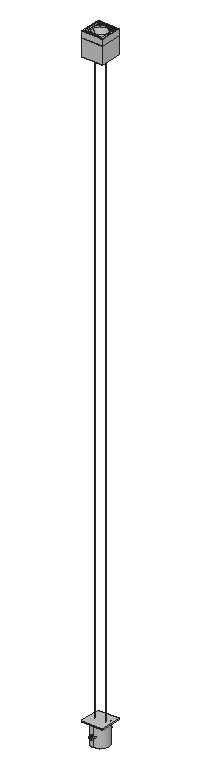
Revit family "Lighting-Luminii-Leto_44_Mini_Wet_P", category Lighting Fixtures, host Face, Revit 2023
Family settings
  Host = Face
  Round Connector Dimension = Use Diameter
  Part Type = Normal
  OmniClass Number = 23.80.70.11.14.21
  OmniClass Title = Spots and Tracklight Specialties
  Cut with Voids When Loaded = No
  Light Source = Yes
  Maintain Annotation Orientation = No
  Shared = Yes
  Room Calculation Point = No
Parameters (values of type "Small")
  Width = 2 1/2"  # constant formula
  Wattage Comments = "6.1W"
  Wattage = 6.10022 W
  Warranty URL = "https://www.luminii.com/terms-conditions/"
  built-in parameter 1150110 = 1 (stored number, unit not read)
  Voltage Comments = "120V | 277V | 347V"  # constant formula
  Voltage = 120 V
  Version = "2020 - v1.0a"  # constant formula
  URL = "https://www.luminii.com/"
  built-in parameter 1114217 = 1 (stored number, unit not read)
  Tilt Angle = -90.00°  # constant formula
  built-in parameter 1150109 = 1 (stored number, unit not read)
  built-in parameter 1150134 = (empty or 0)
  built-in parameter 1150113 = 1 (stored number, unit not read)
  Support Phone = "224-699-9545"  # constant formula
  Support Email = "mailto:support@bimsmith.com"
  Product Page URL = "https://www.luminii.com/product/leto-44-mini-p/"
  Power Source Type = "Driver"  # constant formula
  Power Factor = 1
  Photometric Web File = "LET44MW-XX-L-10-35K-F20-NA.ies"
  Phase = 1
  Operating Temperature = "Consult Manufacturer Website for more Information"  # constant formula
  Number of Poles = if(and(or(Voltage = 120 V, Voltage = 277 V), Phase = 1), 1, if(and(or(Voltage = 208 V, Voltage = 240 V), Phase = 1), 2, if(and(or(Voltage = 208 V, Voltage = 240 V), Phase = 3), 3, if(and(Voltage > 300 V, Phase = 1), 2, if(and(Voltage > 400 V, Phase = 3), 3, 1)))))  # 1
  Mounting Method = "Ceiling Mount"  # constant formula
  Model = if(Constraints = 1, "731-S", if(Constraints = 2, "731-M", if(Constraints = 3, "731-L", "N/A")))  # "731-S"
  Manufacturer Phone Number = "403-216-7043"  # constant formula
  Manufacturer Email = "mailto: info@sensolighting.com"
  Manufacturer Address = "302 50 Ave SE. Calgary, Alberta, T2G 2A9 Canada"  # constant formula
  Manufacturer = "Luminii"  # constant formula
  built-in parameter 1150105 = 55.704 (stored number, unit not read)
  Lumens = 700 lm
  Luminaire Type = "Pendant LED Downlight"  # constant formula
  built-in parameter 1150115 = 1 (stored number, unit not read)
  Load Classification = Lighting
  built-in parameter 1150137 = (empty or 0)
  built-in parameter 1150139 = (empty or 0)
  Lens Material = Plastic - Luminii - Frosted Lens
  Length [instance] = if(Constraints = 1, 2 7/8", if(Constraints = 2, 8 37/128", if(Constraints = 3, 13 159/256", 2 7/8")))  # 2 7/8"
  built-in parameter 1150112 = 1 (stored number, unit not read)
  built-in parameter 1150114 = 1 (stored number, unit not read)
  Lamp Life = 1
  Lamp = "LED"  # constant formula
  Keynote = "26 50 00"
  built-in parameter 1150132 = 2
  built-in parameter 1150102 = (empty or 0)
  built-in parameter 1150107 = 3500 (stored number, unit not read)
  Initial Color Comments = "Perfomance based on 3500K Photometric Web File"  # constant formula
  built-in parameter 1150138 = (empty or 0)
  built-in parameter 1150106 = 0.55704 (stored number, unit not read)
  Housing Protection Rating = "Consult Manufacturer Website for more Information"  # constant formula
  Has Dimming = 1 = 1  # yes
  Has Battery Backup = 0 = 1  # no
  Frequency Comments = ""  # constant formula
  Frequency = 60 Hz
  Finish = Metal - Luminii - Silver Anodized Aluminum
  Environment = "Indoor"  # constant formula
  built-in parameter 1150104 = 10.661 (stored number, unit not read)
  Dimming Type = "Consult Manufacturer Website for more Information"  # constant formula
  Dimming Lamp Color Temperature Shift = <None>
  Description = "Small Square Pendant"  # constant formula
  Depth = 2 1/2"  # constant formula
  Default Elevation = 0"  # constant formula
  Current Amps = 50 A
  Copyright = "©2023 Luminii"  # constant formula
  Control Zone = "Consult Manufacturer Website for more Information"  # constant formula
  Control Type = "Consult Manufacturer Website for more Information"  # constant formula
  Constraints = 1
  Color Filter = 16777215
  built-in parameter 1114216 [instance] = 0  # (empty or 0)
  Canopy Finish = Metal - Luminii - Silver Anodized Aluminum
  built-in parameter 1140040 [instance] = 1 = 1  # 1
  CCT = "3500K"
  C Canopy Offset [instance] = 0.14764"  # constant formula
  Desired Cable Length [instance] = 72"  # constant formula
  built-in parameter 1114218 = 1 (stored number, unit not read)
  built-in parameter 1150133 = 10 (stored number, unit not read)
  Assembly Code = "D5020230"
  Apparent Load = Wattage / Power Factor  # 6.10022 VA
  Actual Cable Length [instance] = if(Desired Cable Length < 12", 12", if(Desired Cable Length > 96", 96", Desired Cable Length))  # 72"
Types (3): name | Model | Length | Constraints
  Small | "731-S" | 2 7/8" | 1
  Medium | "731-M" | 8 37/128" | 2
  Large | "731-L" | 13 159/256" | 3
Reference planes (in)
  plane 1 "Center (Front/Back)": y = 0
  plane 2: z = 0
  plane 3 "Center (Left/Right)": x = 0
  plane 4: x = 0
  plane 5: x = 0
  plane 6: y = 1.25
  plane 7: y = -1.25
  plane 8 "B": z = 0.14764
  plane 9 "A": z = 72.14764
Forms (in)
  Extrusion 1, solid, material "Metal - Luminii - Silver Anodized Aluminum", not visible
    sketch origin (0, 0, 0) x (1, 0, 0) y (0, 1, 0)
      loop
        circle (0, 0) r 0.5
    from 0 to -0.17225
  Revolve 2, void
    sketch origin (0, 0, 0) x (1, 0, 0) y (0, 0, 1)
      loop
        line (0, -2.42867) -> (0, 0) -> (-1, 0) -> (-1, -2.42867) -> (0, -2.42867)
      axis (0, -2.42867) -> (0, 0)
    angle from 0 to 360
Lines and regions (in)
  model lines
    curve 1: line (-0.37509, -0.55408, 0) -> (-0.37509, -0.55408, 0.14764)
  reference lines
    curve 2: line (-0.37509, 13.23986, 75.02264) -> (-0.37509, -8.26014, 75.02264)
Dimensions and locks (in)
  equal spacing: plane 4, plane 3 "Center (Left/Right)", plane 5
  equal spacing: plane 6, plane 1 "Center (Front/Back)", plane 7
  plane 4 to plane 5 = 0"
  "Width": plane 6 to plane 7
  "Actual Cable Length": plane 9 "A" to plane 8 "B"
  "C Canopy Offset": plane 8 "B" to host face
  "Length": curve 2 to plane 9 "A"
  locked: imposter light to curve 2 at 0.93812
  aligned and locked: plane 2 to host face
  aligned and locked: plane 3 "Center (Left/Right)" to Extrusion 1 sketch curve
  aligned and locked: plane 1 "Center (Front/Back)" to Extrusion 1 sketch curve
  aligned and locked: plane 2 to Extrusion 1  (x2)
  aligned and locked: imposter light to plane 3 "Center (Left/Right)"
  aligned and locked: imposter light to plane 1 "Center (Front/Back)"
  aligned and locked: plane 3 "Center (Left/Right)" to nested 1
  aligned and locked: plane 1 "Center (Front/Back)" to nested 1
  aligned and locked: plane 3 "Center (Left/Right)" to nested 2
  aligned and locked: plane 1 "Center (Front/Back)" to nested 2
  aligned and locked: nested 1 to plane 9 "A"
Automatic sketch dimensions
  host sketch curve to host sketch curve = 96"  (x2)
  curve 1 to level = 0"
  level to curve 1 = 0.14764"
  plane 7 to curve 1 = 0.69592"
  curve 2 to plane 7 = 7.01014"
  plane 6 to curve 2 = 11.98986"
  Revolve 2 sketch curve to level = 0"
  Revolve 2 sketch curve to plane 3 "Center (Left/Right)" = 0"  (x2)
  Revolve 2 sketch curve to Revolve 2 sketch curve = 1"
  Revolve 2 sketch curve to level = 2.42867"
  Revolve 2 sketch curve to Revolve 2 sketch curve = 0.28485"
  Revolve 2 sketch curve to Revolve 2 sketch curve = 0.8842"
  radius of Extrusion 1 sketch curve = 1/2"
Nested families (in)
  nested 1: "Nested - Lamp" at (0, 0, 72.14764), type "Nested - Lamp"
    with Height 2.87402", Constraint 1
  nested 2: "Nested - Canopy" at (0, 0, 0), type "Default"
    with Cable Length 72"
Connectors (in)
  electrical at (0, 0, 0), driven by "Number of Poles", driven by "Load Classification", driven by "Voltage", driven by "Apparent Load", driven by "Power Factor"
    settings: on Extrusion 1, index 1, voltage 120 V, apparent load 6.10022 VA, apparent load phase1 0 VA, apparent load phase2 0 VA, apparent load phase3 0 VA, power factor 1, load classification "Lighting", number of poles 1, system type 30, power factor state 1, is connector primary yes, connector utility no, sub classification motor no, connector description "Power Connection"
Definition of nested family "Nested - Lamp"
  Parameters (values of type "Nested - Lamp")
    Width = 3.74016"  # constant formula
    Screen Material = none
    Inner Screen = none
    Height = if(Constraint = 1, 2.87402", if(Constraint = 2, 8.2874", if(Constraint = 3, 13.62205", 2.87402")))  # 8.2874"
    Finish = none
    Default Elevation = 48"
    Constraint = 2
  Reference planes (in)
    plane 1 "Center (Front/Back)": y = 0
    plane 2: z = 0
    plane 3 "Center (Left/Right)": x = 0
  Forms (in)
    Extrusion 1, solid
      sketch origin (0, 0, 0) x (1, 0, 0) y (0, 1, 0)
        loop
          line (-48, 48) -> (-48, -48) -> (48, -48) -> (48, 48) -> (-48, 48)
      from 0 to -12
    Sweep 2, solid, material <- "Finish", detail levels medium+fine
      path origin (-0.03362, 1.25, 6.49606) x (0, 1, 0) y (-1, 0, 0)
        loop
          line (0.62008, -1.9037) -> (0.62008, 1.83645) -> (-3.12008, 1.83645) -> (-3.12008, -1.9037) -> (0.62008, -1.9037)
      profile origin (1.87008, 0, 6.49606) x (1, 0, 0) y (0, 0, 1)
        loop
          line (-0.62008, -6.49606) -> (-0.62008, 0.94488) -> (-0.67913, 0.94488) -> (-0.67913, 1.00394) -> (-0.62008, 1.00394) -> (-0.62008, 1.77165) -> (-0.77409, 1.77165) -> (-0.80217, 1.54298) -> (-0.84154, 1.54298) -> (-0.85874, 1.68307) -> (-0.91923, 1.68307) -> (-0.91923, 1.61417) -> (-0.88583, 1.61417) -> (-0.88583, 1.39764) -> (-0.77461, 1.39764) -> (-0.77461, -6.37795) -> (-0.67913, -6.37795) -> (-0.67913, -6.49606) -> (-0.62008, -6.49606)
    Extrusion 3, solid, material <- "Finish"
      sketch origin (-0.03362, 1.25, 8.28705) x (0, 1, 0) y (-1, 0, 0)
        loop
          line (-2.44094, -1.22457) -> (-0.05906, -1.22457) -> (-0.05906, 1.15732) -> (-2.44094, 1.15732) -> (-2.44094, -1.22457)
      from -8.26595 to -8.16894
    Sweep 4, solid, material <- "Finish", detail levels coarse
      path origin (-0.03362, 1.25, 6.49606) x (0, 1, 0) y (-1, 0, 0)
        loop
          line (0.62008, -1.9037) -> (0.62008, 1.83645) -> (-3.12008, 1.83645) -> (-3.12008, -1.9037) -> (0.62008, -1.9037)
      profile origin (1.87008, 0, 6.49606) x (1, 0, 0) y (0, 0, 1)
        loop
          line (-0.62008, -6.49606) -> (-0.62008, 1.79134) -> (-0.77167, 1.79134) -> (-0.77167, 1.68307) -> (-0.91923, 1.68307) -> (-0.91923, 1.61417) -> (-0.88583, 1.61417) -> (-0.88583, 1.39764) -> (-0.77461, 1.39764) -> (-0.77461, -6.37795) -> (-0.67913, -6.37795) -> (-0.67913, -6.49606) -> (-0.62008, -6.49606)
    Extrusion 5, solid, material <- "Finish", detail levels medium+fine
      sketch origin (1.09599, 1.09599, 8.26772) x (0, -1, 0) y (1, 0, 0)
        loop
          line (2.30072, 0.10873) -> (-0.10873, 0.10873) -> (-0.10873, -2.30072) -> (2.30072, -2.30072) -> (2.30072, 0.10873)
        loop
          line (-0.15401, 0.15401) -> (-0.15401, -2.34599) -> (2.34599, -2.34599) -> (2.34599, 0.15401) -> (-0.15401, 0.15401)
      from 0 to 0.01969
    Extrusion 6, solid, material <- "Finish", detail levels coarse
      sketch origin (0.95084, 0.95084, 8.17913) x (0, -1, 0) y (1, 0, 0)
        loop
          line (1.90169, 0) -> (0, 0) -> (0, -1.90169) -> (1.90169, -1.90169) -> (1.90169, 0)
        loop
          circle (0.95084, -0.95084) r 0.91278
      from 0 to -0.0689
    Revolve 7, solid
      sketch origin (-6.02743, 0, 8.2874) x (1, 0, 0) y (0, 0, 1)
        loop
          line (7.00343, -0.20866) -> (7.00343, -0.17717) -> (6.94044, -0.17717) -> (6.60579, -0.90157) -> (6.54528, -0.90157) -> (6.50026, -0.9765) -> (6.02743, -0.9765) -> (6.02743, -1.05456) -> (6.51832, -1.008) -> (6.56334, -0.93307) -> (6.62741, -0.93307) -> (6.96145, -0.20866) -> (7.00343, -0.20866)
        axis (6.02743, -0.17717) -> (6.02743, -1.05456)
      angle from 0 to 360
    Extrusion 8, solid, material <- "Screen Material"
      sketch origin (0, 0, 7.3109) x (0.477236, 0.878775, 0) y (-0.878775, 0.477236, 0)
        loop
          circle (0, 0) r 0.47283
      from 0 to 0.03937
    Revolve 9, solid, material <- "Finish"
      sketch origin (-0.49058, 0, 5.50775) x (1, 0, 0) y (0, 0, 1)
        loop
          line (1.38328, -5.48665) -> (1.15002, -5.48665) -> (1.15002, -5.54571) -> (1.38328, -5.54571) -> (1.38328, -5.48665)
        axis (1.15002, -5.48665) -> (1.15002, -5.54571)
      angle from 0 to 360
    Revolve 10, solid, material <- "Finish"
      sketch origin (0.49058, 0, 5.50775) x (-1, 0, 0) y (0, 0, -1)
        loop
          line (1.38328, 5.48665) -> (1.38328, 5.54571) -> (1.15002, 5.54571) -> (1.15002, 5.48665) -> (1.38328, 5.48665)
        axis (1.15002, 5.48665) -> (1.15002, 5.54571)
      angle from 0 to 360
    Extrusion 11, solid, material <- "Finish", detail levels medium+fine
      sketch origin (0.95084, 0.95084, 8.17913) x (0, -1, 0) y (1, 0, 0)
        loop
          line (1.90169, 0) -> (0, 0) -> (0, -1.90169) -> (1.90169, -1.90169) -> (1.90169, 0)
        loop
          circle (0.95084, -0.95084) r 0.91278
      from 0 to -0.0689
  Lines and regions (in)
    reference lines
      curve 1: line (-6.02743, 0, 8.2874) -> (4.47257, 0, 8.2874)
  Dimensions and locks (in)
    "Height": curve 1 to Extrusion 1
    locked: curve 1 to Extrusion 5 at 0.01969
    curve 1 to Sweep 2 sketch curve to Sweep 2 sketch curve to Sweep 2 sketch curve to Sweep 2 sketch curve to Sweep 2 sketch curve to Sweep 2 sketch curve = 0.01969" locked, 0.15748" locked, 0.07119" locked, 0.14534" locked, 0.3937" locked, 0.05906" locked
    curve 1 to Extrusion 8 to Extrusion 8 = 0.93713" locked, 0.03937" locked
    curve 1 to Extrusion 11 to Extrusion 11 = 0.10827" locked, 0.0689" locked
    curve 1 to Extrusion 6 to Extrusion 6 = 0.10827" locked, 0.0689" locked
    curve 1 to Sweep 4 sketch curve to Sweep 4 sketch curve to Sweep 4 sketch curve = 0.10827" locked, 0.0689" locked, 0.21654" locked
    aligned and locked: plane 2 to Extrusion 1
    aligned and locked: level to Extrusion 1
    aligned and locked: Extrusion 5 to curve 1
    aligned and locked: curve 1 to Sweep 4 sketch curve
  Automatic sketch dimensions
    Extrusion 1 sketch curve to Extrusion 1 sketch curve = 96"  (x2)
    plane 1 "Center (Front/Back)" to Sweep 2 sketch curve = 1.87008"
    Sweep 2 sketch curve to plane 1 "Center (Front/Back)" = 1.87008"
    plane 3 "Center (Left/Right)" to Sweep 2 sketch curve = 1.87008"
    Sweep 2 sketch curve to plane 3 "Center (Left/Right)" = 1.87008"
    profile plane to Sweep 2 sketch curve = 0.91923"
    Sweep 2 sketch curve to Sweep 2 sketch curve = 0.03341"
    Sweep 2 sketch curve to Sweep 2 sketch curve = 0.0605"
    Sweep 2 sketch curve to Sweep 2 sketch curve = 0.04429"
    Sweep 2 sketch curve to Sweep 2 sketch curve = 0.03937"
    profile plane to Sweep 2 sketch curve = 0.77461"
    Sweep 2 sketch curve to Sweep 2 sketch curve = 0.08465"
    Sweep 2 sketch curve to Sweep 2 sketch curve = 0.09547"  (x2)
    Sweep 2 sketch curve to Sweep 2 sketch curve = 0.15401"
    Sweep 2 sketch curve to Sweep 2 sketch curve = 0"
    Sweep 2 sketch curve to profile plane = 6.37795"
    Sweep 2 sketch curve to Sweep 2 sketch curve = 0.11811"
    Sweep 2 sketch curve to Sweep 2 sketch curve = 0.0689"
    plane 1 "Center (Front/Back)" to Extrusion 3 sketch curve = 1.19094"
    Extrusion 3 sketch curve to plane 1 "Center (Front/Back)" = 1.19094"
    plane 3 "Center (Left/Right)" to Extrusion 3 sketch curve = 1.19094"
    Extrusion 3 sketch curve to plane 3 "Center (Left/Right)" = 1.19094"
    plane 1 "Center (Front/Back)" to Sweep 4 sketch curve = 1.87008"
    Sweep 4 sketch curve to plane 1 "Center (Front/Back)" = 1.87008"
    plane 3 "Center (Left/Right)" to Sweep 4 sketch curve = 1.87008"
    Sweep 4 sketch curve to plane 3 "Center (Left/Right)" = 1.87008"
    profile plane to Sweep 4 sketch curve = 0.91923"
    Sweep 4 sketch curve to Sweep 4 sketch curve = 0.03341"
    profile plane to Sweep 4 sketch curve = 0.77461"
    Sweep 4 sketch curve to Sweep 4 sketch curve = 0.11416"
    Sweep 4 sketch curve to Sweep 4 sketch curve = 0.09547"
    Sweep 4 sketch curve to Sweep 4 sketch curve = 0.15159"
    Sweep 4 sketch curve to profile plane = 6.37795"
    Sweep 4 sketch curve to Sweep 4 sketch curve = 0.11811"
    Extrusion 5 sketch curve to Sweep 2 = 0"  (x3)
    Sweep 2 to Extrusion 5 sketch curve = 0"
    Sweep 2 to Extrusion 5 sketch curve = 0.04528"  (x4)
    Sweep 4 to Extrusion 6 sketch curve = 0"
    Extrusion 6 sketch curve to Sweep 4 = 0"  (x3)
    Sweep 4 to Extrusion 6 sketch curve = 0.95084"  (x2)
    curve 1 to Revolve 7 sketch curve = 0.9765"
    Revolve 7 sketch curve to curve 1 = 4.47257"
    Revolve 7 sketch curve to Revolve 7 sketch curve = 0.47283"
    curve 1 to Revolve 7 sketch curve = 1.008"
    Revolve 7 sketch curve to Revolve 7 sketch curve = 0.01806"  (x2)
    curve 1 to Revolve 7 sketch curve = 0.90157"
    Revolve 7 sketch curve to Revolve 7 sketch curve = 0.04502"
    curve 1 to Revolve 7 sketch curve = 0.93307"
    Revolve 7 sketch curve to Revolve 7 sketch curve = 0.04245"
    Revolve 7 sketch curve to Revolve 7 sketch curve = 0.02161"
    curve 1 to Revolve 7 sketch curve = 0.17717"
    Revolve 7 sketch curve to Revolve 7 sketch curve = 0.33465"
    curve 1 to Revolve 7 sketch curve = 0.20866"
    Revolve 7 sketch curve to Revolve 7 sketch curve = 0.02101"
    Revolve 7 sketch curve to Revolve 7 sketch curve = 0.04198"
    Revolve 7 sketch curve to Revolve 7 sketch curve = 0.07806"
    Revolve 7 sketch curve to Revolve 7 sketch curve = 0"  (x2)
    Revolve 7 sketch curve to curve 1 = 32.2874"
    plane 1 "Center (Front/Back)" to Extrusion 8 sketch curve = 0"
    Extrusion 8 sketch curve to plane 3 "Center (Left/Right)" = 0"
    level to Revolve 9 sketch curve = 0.0211"
    plane 3 "Center (Left/Right)" to Revolve 9 sketch curve = 0.65943"
    Revolve 9 sketch curve to level = 0.03796"
    Revolve 9 sketch curve to Revolve 9 sketch curve = 0.23327"
    Revolve 9 sketch curve to Revolve 9 sketch curve = 0"  (x2)
    Revolve 9 sketch curve to Revolve 9 sketch curve = 0.06786"
    level to Revolve 10 sketch curve = 0.0211"
    Revolve 10 sketch curve to plane 3 "Center (Left/Right)" = 0.65943"
    Revolve 10 sketch curve to level = 0.03796"
    Revolve 10 sketch curve to Revolve 10 sketch curve = 0.23327"
    Revolve 10 sketch curve to Revolve 10 sketch curve = 0"  (x2)
    Revolve 10 sketch curve to Revolve 10 sketch curve = 0.06786"
    Sweep 4 to Extrusion 11 sketch curve = 0"
    Extrusion 11 sketch curve to Sweep 4 = 0"  (x3)
    Sweep 4 to Extrusion 11 sketch curve = 0.95084"  (x2)
    curve 1 to plane 3 "Center (Left/Right)" = 6.02743"
    plane 3 "Center (Left/Right)" to curve 1 = 4.47257"
    radius of Extrusion 6 sketch curve = 0.91278"
    radius of Extrusion 8 sketch curve = 0.47283"
    radius of Extrusion 11 sketch curve = 0.91278"
Definition of nested family "Nested - Canopy"
  Parameters (values of type "Default")
    Square Canopy = no
    Round Canopy = yes
    Finish = none
    Feed Cable = 0.23"  # constant formula
    Default Elevation = 0"
    Cable Length = 74.13583"
    Aircraft Cable = 0.05"  # constant formula
  Reference planes (in)
    plane 1 "Center (Front/Back)": y = 0
    plane 2: z = 0
    plane 3 "Center (Left/Right)": x = 0
    plane 4: z = 74.28346
    plane 5: z = 0.14764
    plane 6: x = 1.25
    plane 7: x = -1.25
    plane 8: y = -1.25
    plane 9: y = 1.25
  Forms (in)
    Revolve 1, solid
      sketch origin (0, 0, 0) x (0, 1, 0) y (0, 0, 1)
        loop
          line (1, -2.42867) -> (1, 0) -> (0, 0) -> (0, -2.42867) -> (1, -2.42867)
        axis (0, 0) -> (0, -2.42867)
      angle from 0 to 360
    Extrusion 2, solid
      sketch origin (0, 0, 0) x (1, 0, 0) y (0, 1, 0)
        loop
          line (-0.22262, -0.9749) -> (-0.18726, -1.44135) -> (-0.10216, -1.52925)
          arc (-0.10216, -1.52925) -> (-0.08304, -1.53556) -> (-0.06697, -1.52343) r 0.02169
          line (-0.06697, -1.52343) -> (-0.03509, -1.4261)
          arc (-0.03509, -1.4261) -> (-0.01025, -1.41352) -> (0.00233, -1.43836) r 0.01969
          line (0.00233, -1.43836) -> (0.32189, -1.54302) -> (0.27773, -0.96066)
          arc (0.27773, -0.96066) -> (0.02846, -0.99959) -> (-0.22262, -0.9749) r 1
        loop
          line (0.22262, 0.9749) -> (0.18726, 1.44135) -> (0.10216, 1.52925)
          arc (0.10216, 1.52925) -> (0.08304, 1.53556) -> (0.06697, 1.52343) r 0.02169
          line (0.06697, 1.52343) -> (0.03509, 1.4261)
          arc (0.03509, 1.4261) -> (0.01025, 1.41352) -> (-0.00233, 1.43836) r 0.01969
          line (-0.00233, 1.43836) -> (-0.32189, 1.54302) -> (-0.27773, 0.96066)
          arc (-0.27773, 0.96066) -> (-0.02846, 0.99959) -> (0.22262, 0.9749) r 1
      from -1.29764 to -1.22295
    Extrusion 3, solid
      sketch origin (-0.30074, 1.60238, 0) x (0.31126, 0.950325, 0) y (0, 0, -1)
        loop
          arc (-0.06299, 1.22295) -> (-0.01845, 1.2045) -> (0, 1.15996) r 0.06299
          line (0, 1.15996) -> (0, 0.90394) -> (0.07469, 0.90394) -> (0.07469, 1.15996)
          arc (0.07469, 1.15996) -> (0.03436, 1.25731) -> (-0.06299, 1.29764) r 0.13768
          line (-0.06299, 1.29764) -> (-0.06299, 1.22295)
      from 0 to -0.33465
    Extrusion 4, solid
      sketch origin (0.30074, -1.60238, 0) x (-0.31126, -0.950325, 0) y (0, 0, -1)
        loop
          arc (-0.06299, 1.22295) -> (-0.01845, 1.2045) -> (0, 1.15996) r 0.06299
          line (0, 1.15996) -> (0, 0.90394) -> (0.07469, 0.90394) -> (0.07469, 1.15996)
          arc (0.07469, 1.15996) -> (0.03436, 1.25731) -> (-0.06299, 1.29764) r 0.13768
          line (-0.06299, 1.29764) -> (-0.06299, 1.22295)
      from 0 to -0.33465
    Extrusion 5, solid, material <- "Finish"
      sketch origin (0, 0, 0) x (1, 0, 0) y (0, 1, 0)
        loop
          line (1.25, -1.22047) -> (1.25, 1.22047)
          arc (1.25, 1.22047) -> (1.24135, 1.24135) -> (1.22047, 1.25) r 0.02953
          line (1.22047, 1.25) -> (-1.22047, 1.25)
          arc (-1.22047, 1.25) -> (-1.24135, 1.24135) -> (-1.25, 1.22047) r 0.02953
          line (-1.25, 1.22047) -> (-1.25, -1.22047)
          arc (-1.25, -1.22047) -> (-1.24135, -1.24135) -> (-1.22047, -1.25) r 0.02953
          line (-1.22047, -1.25) -> (1.22047, -1.25)
          arc (1.22047, -1.25) -> (1.24135, -1.24135) -> (1.25, -1.22047) r 0.02953
      from 0 to 0.14764
    Extrusion 6, solid
      sketch origin (0, 0, 0) x (1, 0, 0) y (0, 1, 0)
        loop
          circle (0.65943, 0) r 0.02374
        loop
          circle (-0.65943, 0) r 0.02374
      from 0.14764 to 74.24551
  Dimensions and locks (in)
    "Cable Length": plane 5 to plane 4
    equal spacing: plane 7, plane 3 "Center (Left/Right)", plane 6
    equal spacing: plane 9, plane 1 "Center (Front/Back)", plane 8
    plane 9 to plane 8 = 2 1/2"
    plane 7 to plane 6 = 2 1/2"
    locked: plane 4 to Extrusion 6 at 0.03796
    aligned and locked: plane 2 to level
    aligned and locked: plane 5 to Extrusion 6
  Automatic sketch dimensions
    Revolve 1 sketch curve to level = 0"
    Revolve 1 sketch curve to plane 1 "Center (Front/Back)" = 0"  (x2)
    Revolve 1 sketch curve to plane 9 = 1/4"
    Revolve 1 sketch curve to level = 2.42867"
    Revolve 1 sketch curve to Revolve 1 sketch curve = 0.52452"
    Revolve 1 sketch curve to Revolve 1 sketch curve = 0.31929"
    Extrusion 2 sketch curve to Extrusion 2 sketch curve = 0"  (x2)
    plane 1 "Center (Front/Back)" to Extrusion 2 sketch curve = 0"
    Extrusion 2 sketch curve to plane 3 "Center (Left/Right)" = 0"
    Extrusion 2 sketch curve to plane 3 "Center (Left/Right)" = 0.00233"
    Extrusion 2 sketch curve to plane 3 "Center (Left/Right)" = 0.01638"
    Extrusion 2 sketch curve to Extrusion 2 sketch curve = 0.01871"  (x2)
    Extrusion 2 sketch curve to plane 3 "Center (Left/Right)" = 0.06697"
    Extrusion 2 sketch curve to Extrusion 2 sketch curve = 0.01961"  (x2)
    Extrusion 2 sketch curve to Extrusion 2 sketch curve = 0.01558"  (x2)
    Extrusion 2 sketch curve to Extrusion 2 sketch curve = 0.0851"  (x2)
    Extrusion 2 sketch curve to plane 3 "Center (Left/Right)" = 0.22262"
    Extrusion 2 sketch curve to plane 3 "Center (Left/Right)" = 0.27773"
    Extrusion 2 sketch curve to plane 3 "Center (Left/Right)" = 0.32189"
    plane 3 "Center (Left/Right)" to Extrusion 2 sketch curve = 0.00233"
    plane 3 "Center (Left/Right)" to Extrusion 2 sketch curve = 0.01638"
    plane 3 "Center (Left/Right)" to Extrusion 2 sketch curve = 0.06697"
    plane 3 "Center (Left/Right)" to Extrusion 2 sketch curve = 0.22262"
    plane 3 "Center (Left/Right)" to Extrusion 2 sketch curve = 0.27773"
    plane 3 "Center (Left/Right)" to Extrusion 2 sketch curve = 0.32189"
    Extrusion 2 sketch curve to plane 8 = 0.28934"
    plane 8 to Extrusion 2 sketch curve = 0.1761"
    Extrusion 2 sketch curve to Extrusion 2 sketch curve = 0.00613"  (x2)
    Extrusion 2 sketch curve to Extrusion 2 sketch curve = 0.01525"  (x2)
    Extrusion 2 sketch curve to Extrusion 2 sketch curve = 0.08806"  (x2)
    Extrusion 2 sketch curve to Extrusion 2 sketch curve = 0.00927"  (x2)
    plane 8 to Extrusion 2 sketch curve = 0.29302"
    Extrusion 2 sketch curve to plane 9 = 0.28934"
    plane 9 to Extrusion 2 sketch curve = 0.1761"
    plane 9 to Extrusion 2 sketch curve = 0.29302"
    Extrusion 3 sketch curve to Extrusion 3 sketch curve = 0"  (x3)
    Extrusion 3 sketch curve to level = 1.22295"
    Extrusion 3 sketch curve to Extrusion 3 sketch curve = 0.06299"
    Extrusion 3 sketch curve to Extrusion 3 sketch curve = 0.07469"
    Extrusion 3 sketch curve to Extrusion 3 sketch curve = 0.25602"
    Extrusion 4 sketch curve to Extrusion 4 sketch curve = 0"  (x3)
    Extrusion 4 sketch curve to level = 1.22295"
    Extrusion 4 sketch curve to Extrusion 4 sketch curve = 0.06299"
    Extrusion 4 sketch curve to Extrusion 4 sketch curve = 0.07469"
    Extrusion 4 sketch curve to Extrusion 4 sketch curve = 0.25602"
    Extrusion 5 sketch curve to plane 7 = 0"
    plane 8 to Extrusion 5 sketch curve = 0"
    Extrusion 5 sketch curve to plane 9 = 0"
    Extrusion 5 sketch curve to plane 6 = 0"
    Extrusion 5 sketch curve to Extrusion 5 sketch curve = 0.02953"  (x3)
    Extrusion 5 sketch curve to plane 7 = 0.02953"
    plane 1 "Center (Front/Back)" to Extrusion 6 sketch curve = 0"  (x2)
    Extrusion 6 sketch curve to plane 7 = 0.59057"
    Extrusion 6 sketch curve to plane 6 = 0.59057"
    radius of Extrusion 6 sketch curve = 0.02374"  (x2)
